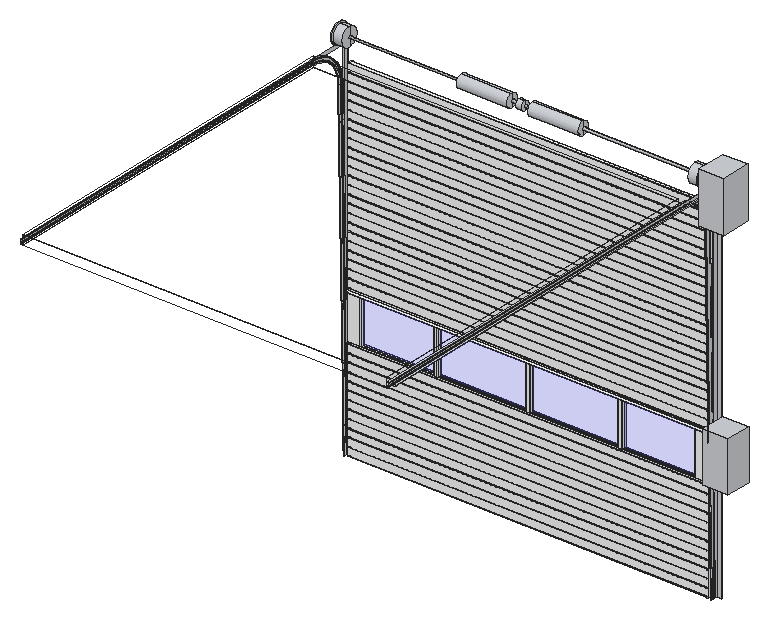
Revit family "EX3717 Complete Door - DraftA", category Doors, host Wall, Revit 2022 (continued)
Definition of nested family "Full Vision Section"
  Dimensions and locks (in)
    "Half Rail Width": plane 2 "Center (Left/Right)" to plane 8
    "Half Rail Width": plane 7 to plane 2 "Center (Left/Right)"
    locked: Extrusion 3 sketch curve to Extrusion 3 sketch curve at 0.25
    radius of Extrusion 2 sketch curve = 0' - 0.12427"
    radius of Extrusion 2 sketch curve = 0' - 0.12444"
    radius of Extrusion 1 sketch curve = 0' - 0.12517"
    radius of Extrusion 1 sketch curve = 0' - 0.12664"
    aligned and locked: Extrusion 1 sketch curve to Extrusion 1 sketch curve  (x3)
    aligned and locked: Extrusion 2 sketch curve to Extrusion 1  (x3)
    aligned and locked: Extrusion 1 to Extrusion 2 sketch curve  (x3)
    aligned and locked: Extrusion 2 sketch curve to Extrusion 2 sketch curve  (x3)
    aligned: Extrusion 3 sketch curve to Extrusion 2
    aligned: Extrusion 3 sketch curve to Extrusion 1
    aligned and locked: Extrusion 3 sketch curve to Extrusion 1
    aligned and locked: Extrusion 4 sketch curve to Extrusion 4 sketch curve  (x3)
    aligned and locked: Extrusion 4 sketch curve to Extrusion 2
    aligned and locked: Extrusion 5 sketch curve to Extrusion 5 sketch curve  (x3)
    aligned and locked: Extrusion 5 sketch curve to Extrusion 2
    aligned and locked: nested 1 to Extrusion 2  (x2)
    aligned and locked: Extrusion 4 to Extrusion 3
    aligned and locked: Extrusion 1 to Extrusion 4
    aligned and locked: Extrusion 6 sketch curve to Extrusion 4
    aligned and locked: Extrusion 6 sketch curve to Extrusion 2
    aligned and locked: plane 2 "Center (Left/Right)" to nested 1
    aligned and locked: nested 1 to plane 5
    aligned and locked: Extrusion 5 sketch curve to plane 6
    aligned and locked: Extrusion 4 sketch curve to plane 9
    aligned and locked: plane 11 to nested 2
    aligned and locked: Extrusion 4 to nested 2
    aligned and locked: nested 2 to Extrusion 1
    aligned and locked: Extrusion 3 sketch curve to Extrusion 4  (x2)
  Automatic sketch dimensions
    Extrusion 1 sketch curve to level = 0' - 0"
    Extrusion 1 sketch curve to plane 5 = 0' - 0"
    Extrusion 1 sketch curve to Extrusion 1 sketch curve = 0' - 0 3/16"
    Extrusion 2 sketch curve to plane 5 = 0' - 0.50146"
    level to Extrusion 2 sketch curve = 1' - 10 21/32"
    Extrusion 2 sketch curve to Extrusion 2 sketch curve = 0' - 0 1/2"
  Nested families (in)
    nested 1: "Int Stile for Single" at (0, -3.5, 0.84375), visible <- "SingleStileVis", type "Single"
      with Stile Height 1' - 10 5/16"
    nested 2: "902 Int Stile Array" at (0, -3.5, 0.84375), visible <- "ArrayStileVis", type "Array"
      with NumIntStiles 2
  Definition of nested family "Int Stile for Single"
    Parameters
      Stile Height = 1' - 8 5/32"
      Frame Material = none
      Default Elevation = 0' - 0"
      Assembly Code = ""
    Reference planes (in)
      plane 1 "Center (Front/Back)": y = 0
      plane 2: z = 0
      plane 3 "Center (Left/Right)": x = 0
      plane 4: z = 20.15625
    Forms (in)
      Extrusion 1, solid, material <- "Frame Material"
        sketch origin (0, 0, 0) x (1, 0, 0) y (0, 1, 0)
          loop
            line (-0.65625, 0) -> (-0.65625, -0.125) -> (-0.78125, -0.125) -> (-1.15625, -0.5) -> (-1.15625, -0.63751) -> (-0.65625, -0.63751) -> (-0.65625, -0.88751) -> (-1.15625, -0.88751) -> (-1.15625, -1.88751) -> (-0.65625, -1.88751) -> (-0.65625, -2.125) -> (0.65625, -2.125) -> (0.65625, -1.88751) -> (1.15625, -1.88751) -> (1.15625, -0.88751) -> (0.65625, -0.88751) -> (0.65625, -0.63751) -> (1.15625, -0.63751) -> (1.15625, -0.5) -> (0.78125, -0.125) -> (0.65625, -0.125) -> (0.65625, 0) -> (-0.65625, 0)
        from 0 to 20.15625 <- "Stile Height"
    Dimensions and locks (in)
      "Stile Height": level to plane 4
      locked: Extrusion 1 sketch curve to Extrusion 1 sketch curve at 1.3125
      locked: Extrusion 1 sketch curve to Extrusion 1 sketch curve at 0.5  (x2)
      locked: Extrusion 1 sketch curve to plane 3 "Center (Left/Right)" at 1.15625
      locked: Extrusion 1 sketch curve to Extrusion 1 sketch curve at 2.125
      locked: Extrusion 1 sketch curve to Extrusion 1 sketch curve at 0.25
      locked: Extrusion 1 sketch curve to Extrusion 1 sketch curve at 1
      locked: Extrusion 1 sketch curve to Extrusion 1 sketch curve at 0.375  (x4)
      locked: Extrusion 1 sketch curve to Extrusion 1 sketch curve at 0.125  (x3)
      aligned and locked: plane 2 to level
      aligned and locked: Extrusion 1 sketch curve to Extrusion 1 sketch curve  (x8)
    Automatic sketch dimensions
      plane 1 "Center (Front/Back)" to Extrusion 1 sketch curve = 0' - 0"
      Extrusion 1 sketch curve to Extrusion 1 sketch curve = 0' - 0.23749"
  Definition of nested family "902 Int Stile Array"
    Parameters
      Stile Height = 1' - 10 5/16"
      NumIntStiles = 4
      IntStileCtrCtr = 3' - 8"
      Frame Material = none
      Default Elevation = 0' - 0"
      Assembly Code = ""
    Reference planes (in)
      plane 1 "Center (Front/Back)": y = 0
      plane 2: z = 0
      plane 3 "Center (Left/Right)": x = 0
      plane 4: z = 22.3125
      plane 5: x = 1.15625
      plane 6: x = -42.84375
    Forms (in)
      Extrusion 1, solid, material <- "Frame Material"
        sketch origin (0, 0, 0) x (1, 0, 0) y (0, 1, 0)
          loop
            line (-0.65625, 0) -> (-0.65625, -0.125) -> (-0.78125, -0.125) -> (-1.15625, -0.5) -> (-1.15625, -0.63751) -> (-0.65625, -0.63751) -> (-0.65625, -0.88751) -> (-1.15625, -0.88751) -> (-1.15625, -1.88751) -> (-0.65625, -1.88751) -> (-0.65625, -2.125) -> (0.65625, -2.125) -> (0.65625, -1.88751) -> (1.15625, -1.88751) -> (1.15625, -0.88751) -> (0.65625, -0.88751) -> (0.65625, -0.63751) -> (1.15625, -0.63751) -> (1.15625, -0.5) -> (0.78125, -0.125) -> (0.65625, -0.125) -> (0.65625, 0) -> (-0.65625, 0)
        from 0 to 22.3125 <- "Stile Height"
      Extrusion 2, solid, material <- "Frame Material"
        sketch origin (-44, 0, 0) x (1, 0, 0) y (0, 1, 0)
          loop
            line (-0.65625, 0) -> (-0.65625, -0.125) -> (-0.78125, -0.125) -> (-1.15625, -0.5) -> (-1.15625, -0.63751) -> (-0.65625, -0.63751) -> (-0.65625, -0.88751) -> (-1.15625, -0.88751) -> (-1.15625, -1.88751) -> (-0.65625, -1.88751) -> (-0.65625, -2.125) -> (0.65625, -2.125) -> (0.65625, -1.88751) -> (1.15625, -1.88751) -> (1.15625, -0.88751) -> (0.65625, -0.88751) -> (0.65625, -0.63751) -> (1.15625, -0.63751) -> (1.15625, -0.5) -> (0.78125, -0.125) -> (0.65625, -0.125) -> (0.65625, 0) -> (-0.65625, 0)
        from 0 to 22.3125 <- "Stile Height"
      Extrusion 3, solid, material <- "Frame Material"
        sketch origin (-88, 0, 0) x (1, 0, 0) y (0, 1, 0)
          loop
            line (-0.65625, 0) -> (-0.65625, -0.125) -> (-0.78125, -0.125) -> (-1.15625, -0.5) -> (-1.15625, -0.63751) -> (-0.65625, -0.63751) -> (-0.65625, -0.88751) -> (-1.15625, -0.88751) -> (-1.15625, -1.88751) -> (-0.65625, -1.88751) -> (-0.65625, -2.125) -> (0.65625, -2.125) -> (0.65625, -1.88751) -> (1.15625, -1.88751) -> (1.15625, -0.88751) -> (0.65625, -0.88751) -> (0.65625, -0.63751) -> (1.15625, -0.63751) -> (1.15625, -0.5) -> (0.78125, -0.125) -> (0.65625, -0.125) -> (0.65625, 0) -> (-0.65625, 0)
        from 0 to 22.3125 <- "Stile Height"
      Extrusion 4, solid, material <- "Frame Material"
        sketch origin (-132, 0, 0) x (1, 0, 0) y (0, 1, 0)
          loop
            line (-0.65625, 0) -> (-0.65625, -0.125) -> (-0.78125, -0.125) -> (-1.15625, -0.5) -> (-1.15625, -0.63751) -> (-0.65625, -0.63751) -> (-0.65625, -0.88751) -> (-1.15625, -0.88751) -> (-1.15625, -1.88751) -> (-0.65625, -1.88751) -> (-0.65625, -2.125) -> (0.65625, -2.125) -> (0.65625, -1.88751) -> (1.15625, -1.88751) -> (1.15625, -0.88751) -> (0.65625, -0.88751) -> (0.65625, -0.63751) -> (1.15625, -0.63751) -> (1.15625, -0.5) -> (0.78125, -0.125) -> (0.65625, -0.125) -> (0.65625, 0) -> (-0.65625, 0)
        from 0 to 22.3125 <- "Stile Height"
    Dimensions and locks (in)
      "Stile Height": level to plane 4
      locked: Extrusion 1 sketch curve to Extrusion 1 sketch curve at 1.3125
      locked: Extrusion 1 sketch curve to Extrusion 1 sketch curve at 0.5  (x2)
      locked: Extrusion 1 sketch curve to Extrusion 1 sketch curve at 2.125
      locked: Extrusion 1 sketch curve to Extrusion 1 sketch curve at 0.25
      locked: Extrusion 1 sketch curve to Extrusion 1 sketch curve at 1
      locked: Extrusion 1 sketch curve to Extrusion 1 sketch curve at 0.375  (x4)
      locked: Extrusion 1 sketch curve to Extrusion 1 sketch curve at 0.125  (x3)
      locked: Extrusion 2 sketch curve to Extrusion 2 sketch curve at 1.3125
      locked: Extrusion 2 sketch curve to Extrusion 2 sketch curve at 0.5  (x2)
      locked: Extrusion 2 sketch curve to Extrusion 2 sketch curve at 2.125
      locked: Extrusion 2 sketch curve to Extrusion 2 sketch curve at 0.25
      locked: Extrusion 2 sketch curve to Extrusion 2 sketch curve at 1
      locked: Extrusion 2 sketch curve to Extrusion 2 sketch curve at 0.375  (x4)
      locked: Extrusion 2 sketch curve to Extrusion 2 sketch curve at 0.125  (x3)
      equal spacing: group 4, group 3, group 2, group 1
      equal spacing: group 1, group 2, group 3, group 4  (x2)
      "IntStileCtrCtr": plane 5 to plane 6
      locked: Extrusion 3 sketch curve to Extrusion 3 sketch curve at 1.3125
      locked: Extrusion 3 sketch curve to Extrusion 3 sketch curve at 0.5  (x2)
      locked: Extrusion 3 sketch curve to Extrusion 3 sketch curve at 2.125
      locked: Extrusion 3 sketch curve to Extrusion 3 sketch curve at 0.25
      locked: Extrusion 3 sketch curve to Extrusion 3 sketch curve at 1
      locked: Extrusion 3 sketch curve to Extrusion 3 sketch curve at 0.375  (x4)
      locked: Extrusion 3 sketch curve to Extrusion 3 sketch curve at 0.125  (x3)
      locked: Extrusion 4 sketch curve to Extrusion 4 sketch curve at 1.3125
      locked: Extrusion 4 sketch curve to Extrusion 4 sketch curve at 0.5  (x2)
      locked: Extrusion 4 sketch curve to Extrusion 4 sketch curve at 2.125
      locked: Extrusion 4 sketch curve to Extrusion 4 sketch curve at 0.25
      locked: Extrusion 4 sketch curve to Extrusion 4 sketch curve at 1
      locked: Extrusion 4 sketch curve to Extrusion 4 sketch curve at 0.375  (x4)
      locked: Extrusion 4 sketch curve to Extrusion 4 sketch curve at 0.125  (x3)
      aligned and locked: plane 2 to level
      aligned and locked: Extrusion 1 sketch curve to Extrusion 1 sketch curve  (x8)
      aligned and locked: Extrusion 2 sketch curve to Extrusion 2 sketch curve  (x8)
      aligned and locked: plane 5 to Extrusion 1
      aligned and locked: plane 6 to Extrusion 2
      aligned and locked: Extrusion 3 sketch curve to Extrusion 3 sketch curve  (x8)
      aligned and locked: Extrusion 4 sketch curve to Extrusion 4 sketch curve  (x8)
    Automatic sketch dimensions
      Extrusion 1 sketch curve to Extrusion 1 sketch curve = 0' - 0.23749"
      Extrusion 2 sketch curve to Extrusion 2 sketch curve = 0' - 0.23749"
      Extrusion 3 sketch curve to Extrusion 3 sketch curve = 0' - 0.23749"
      Extrusion 4 sketch curve to Extrusion 4 sketch curve = 0' - 0.23749"
Definition of nested family "Track - Standard Lift"
  Parameters (values of type "15" Radius")
    WallToRadiusCenter = Door Thickness + 0' 1" + Vertical Track Length * 0' 0 1/4" / 1' 0" + Track Radius  # 1' - 9.33333"
    VerticalAngleLength = Door Height + 0' 10"  # 14' - 10"
    Vertical Track Length = Door Height - 0' 8"  # 13' - 4"
    TrackToTrack = CenterToLHTrack * 2  # 14' - 0"
    Roof Pitch = 0
    Operator - Trolley = no
    Operator - Jack Shaft Right = yes
    Operator - Jack Shaft Left = no
    HorizontalAngleLength = -(Horizontal Track Length + Track Radius + Vertical Track Length * 0.25 / 12 + 0' 2" - 0' 1" * Roof Pitch)  # -16' - 2.33333"
    Horizontal Track Length = Door Height + 1' 9" - Track Radius  # 14' - 6"
    FloorToTrolleyRail = FloorToShaftCL + 0' 6" - 0' 0 77/256" * Roof Pitch  # 15' - 8"
    FloorToShaftCL = Door Height + Track Radius - 0' 1"  # 15' - 2"
    FloorToJackShaft = Door Height + 1' 10"  # 15' - 10"
    Double Torsion Shaft = no
    Door Width = 13' - 10"
    Door Thickness = 0' - 2"
    Door Height = 14' - 0"
    Default Elevation = 0' - 0"
    Control Box Right = yes
    Control Box Left = no
    CenterToLHTrack = Door Width / 2 + 0' 1" + Roof Pitch * 0' 0"  # 7' - 0"
    Track Radius = if([12" Radius Track], 1' 0", 1' 3")  # 1' - 3"
    HorizontalTrackAngle = 90.00°
    CenterToRHTrack = -CenterToLHTrack  # -7' - 0"
    CenterToJackShaft = Door Width / 2 + 0' 5"  # 7' - 4"
    15" Radius Track = yes
    12" Radius Track = not([15" Radius Track])  # no
  Types (2): name | WallToRadiusCenter | TrackToTrack | Horizontal Track Length | FloorToTrolleyRail | FloorToShaftCL | Door Width | Control Box Left | CenterToLHTrack | Track Radius | CenterToRHTrack | CenterToJackShaft | 15" Radius Track | 12" Radius Track
    15" Radius | 1' - 9.33333" | 14' - 0" | 14' - 6" | 15' - 8" | 15' - 2" | 13' - 10" | no | 7' - 0" | 1' - 3" | -7' - 0" | 7' - 4" | yes | no
    12" Radius | 1' - 6.33333" | 14' - 4" | 14' - 9" | 15' - 5" | 14' - 11" | 14' - 2" | yes | 7' - 2" | 1' - 0" | -7' - 2" | 7' - 6" | no | yes
  Reference planes (in)
    plane 1: y = 0
    plane 2 "Center (Left/Right)": x = 0
    plane 3 "Wall Edge": y = 3
    plane 4: y = 24.33333
    plane 5: z = 160
    plane 6: x = 84
    plane 7: x = -84
  Forms (in)
    Sweep 1, solid
      path in 3D
        loop
          line (0, 198.33333, 175) -> (0, 24.33333, 175)
          arc (0, 24.33333, 175) -> (0, 13.83778, 170.71649) -> (0, 9.33659, 160.31243) r 15
          line (0, 9.33659, 160.31243) -> (0, 5.99672, 0)
      profile "Track Profile : Track Profile" origin (0, 7.66665, 80.15622) x (0, 0.999783, -0.020829) y (1, 0, 0)
        loop
          line (-2.03223, 84) -> (-1.97364, 84) -> (-1.97364, 84.826)
          arc (-1.97364, 84.826) -> (-1.9457, 84.89346) -> (-1.87823, 84.92141) r 0.09541
          line (-1.87823, 84.92141) -> (-0.65812, 84.92141)
          arc (-0.65812, 84.92141) -> (-0.63212, 84.9187) -> (-0.60723, 84.91071) r 0.12641
          line (-0.60723, 84.91071) -> (-0.20802, 84.73513)
          arc (-0.20802, 84.73513) -> (-0.05845, 84.52266) -> (-0.17676, 84.29133) r 0.25141
          line (-0.17676, 84.29133) -> (-0.46311, 84.1138) -> (-0.43223, 84.064) -> (-0.14589, 84.24153)
          arc (-0.14589, 84.24153) -> (0, 84.52678) -> (-0.18443, 84.78877) r 0.31
          line (-0.18443, 84.78877) -> (-0.58364, 84.96434)
          arc (-0.58364, 84.96434) -> (-0.62007, 84.97604) -> (-0.65812, 84.98) r 0.185
          line (-0.65812, 84.98) -> (-1.87823, 84.98)
          arc (-1.87823, 84.98) -> (-1.98713, 84.93489) -> (-2.03223, 84.826) r 0.154
          line (-2.03223, 84.826) -> (-2.03223, 84)
    Sweep 2, solid
      path in 3D
        loop
          line (0, 198.33333, 175) -> (0, 24.33333, 175)
          arc (0, 24.33333, 175) -> (0, 13.83778, 170.71649) -> (0, 9.33659, 160.31243) r 15
          line (0, 9.33659, 160.31243) -> (0, 5.99672, 0)
      profile "Track Profile : Track Profile" origin (0, 7.66665, 80.15622) x (0, 0.999783, -0.020829) y (1, 0, 0)
        loop
          line (-2.03223, -84) -> (-2.03223, -84.826)
          arc (-2.03223, -84.826) -> (-1.98713, -84.93489) -> (-1.87823, -84.98) r 0.154
          line (-1.87823, -84.98) -> (-0.65812, -84.98)
          arc (-0.65812, -84.98) -> (-0.62007, -84.97604) -> (-0.58364, -84.96434) r 0.185
          line (-0.58364, -84.96434) -> (-0.18443, -84.78877)
          arc (-0.18443, -84.78877) -> (0, -84.52678) -> (-0.14589, -84.24153) r 0.31
          line (-0.14589, -84.24153) -> (-0.43223, -84.064) -> (-0.46311, -84.1138) -> (-0.17676, -84.29133)
          arc (-0.17676, -84.29133) -> (-0.05845, -84.52266) -> (-0.20802, -84.73513) r 0.25141
          line (-0.20802, -84.73513) -> (-0.60723, -84.91071)
          arc (-0.60723, -84.91071) -> (-0.63212, -84.9187) -> (-0.65812, -84.92141) r 0.12641
          line (-0.65812, -84.92141) -> (-1.87823, -84.92141)
          arc (-1.87823, -84.92141) -> (-1.9457, -84.89346) -> (-1.97364, -84.826) r 0.09541
          line (-1.97364, -84.826) -> (-1.97364, -84) -> (-2.03223, -84)
    Extrusion 3, solid
      sketch origin (84, 9, 148.94743) x (0, 0, 1) y (0, 1, 0)
        loop
          line (25.05257, 189.33333) -> (25.05257, 15.33333) -> (30.05257, 15.33333) -> (30.05257, 189.33333) -> (25.05257, 189.33333)
      from 0 to 168 <- "TrackToTrack"
    Extrusion 4, solid
      sketch origin (0, 198.33333, 175) x (0, 0, 1) y (1, 0, 0)
        loop
          line (1.87823, 84.98) -> (1.87823, 85.06107) -> (0.47823, 85.06107) -> (0.47823, 86.48) -> (0.37823, 86.48) -> (0.37823, 84.98) -> (1.87823, 84.98)
      from -2 to -194.33333 <- "HorizontalAngleLength"
    Extrusion 5, solid
      sketch origin (0, 198.33333, 175) x (0, 0, 1) y (1, 0, 0)
        loop
          line (1.87823, -84.98) -> (0.37823, -84.98) -> (0.37823, -86.48) -> (0.47823, -86.48) -> (0.47823, -85.08) -> (1.87823, -85.08) -> (1.87823, -84.98)
      from -2 to -194.33333 <- "HorizontalAngleLength"
    Extrusion 6, solid
      sketch origin (0, 0, 0) x (1, 0, 0) y (0, 1, 0)
        loop
          line (-84.98, 4.63) -> (-85.08, 4.63) -> (-85.08, 3.30484)
          arc (-85.08, 3.30484) -> (-85.14, 3.16) -> (-85.28484, 3.1) r 0.20484
          line (-85.28484, 3.1) -> (-87.26, 3.1) -> (-87.26, 3) -> (-85.28584, 3)
          arc (-85.28584, 3) -> (-85.06958, 3.08958) -> (-84.98, 3.30584) r 0.30584
          line (-84.98, 3.30584) -> (-84.98, 4.63)
        loop
          line (84.98, 4.63) -> (84.98, 3.30584)
          arc (84.98, 3.30584) -> (85.06958, 3.08958) -> (85.28584, 3) r 0.30584
          line (85.28584, 3) -> (87.26, 3) -> (87.26, 3.1) -> (85.28484, 3.1)
          arc (85.28484, 3.1) -> (85.14, 3.16) -> (85.08, 3.30484) r 0.20484
          line (85.08, 3.30484) -> (85.08, 4.63) -> (84.98, 4.63)
      from 0 to 178 <- "VerticalAngleLength"
    Extrusion 7, solid, visible <- "Operator - Jack Shaft Left"
      sketch origin (-60, 3, 0) x (-1, 0, 0) y (0, 0, 1)
        loop
          line (-160, 190) -> (-160, 166) -> (-148, 166) -> (-148, 190) -> (-160, 190)
      from 0 to 14.50457
    Extrusion 8, solid, visible <- "Operator - Jack Shaft Right"
      sketch origin (-60, 3, 0) x (-1, 0, 0) y (0, 0, 1)
        loop
          line (28, 190) -> (28, 166) -> (40, 166) -> (40, 190) -> (28, 190)
      from 0 to 14.50457
    Extrusion 9, solid, visible <- "Operator - Jack Shaft Left"
      sketch origin (-59.08, 3, -112) x (-1, 0, 0) y (0, 0, 1)
        loop
          line (-159.08, 190) -> (-159.08, 166) -> (-147.08, 166) -> (-147.08, 190) -> (-159.08, 190)
      from 0 to 12
    Extrusion 10, solid, visible <- "Operator - Jack Shaft Right"
      sketch origin (-60, 3, -120) x (-1, 0, 0) y (0, 0, 1)
        loop
          line (28, 198) -> (28, 174) -> (40, 174) -> (40, 198) -> (28, 198)
      from 0 to 12
  Lines and regions (in)
    reference lines, not visible
      curve 1: line (0, 24.33333, 160) -> (0, 24.33333, 175)
      curve 2: line (0, 24.33333, 160) -> (0, 9.33659, 160.31243)
      curve 3: line (0, 24.33333, 175) -> (0, 198.33333, 175)
      curve 4: line (0, 9.33659, 160.31243) -> (0, 5.99672, 0)
      curve 5: arc (0, 24.33333, 175) -> (0, 13.83778, 170.71649) -> (0, 9.33659, 160.31243) r 15
    sketch lines
      curve 6: line (0, 9.33659, 160.31243) -> (0, 5.99672, 0)
      curve 7: arc (0, 24.33333, 175) -> (0, 13.83778, 170.71649) -> (0, 9.33659, 160.31243) r 15
      curve 8: line (0, 24.33333, 175) -> (0, 198.33333, 175)
      curve 9: line (0, 9.33659, 160.31243) -> (0, 5.99672, 0)
      curve 10: arc (0, 24.33333, 175) -> (0, 13.83778, 170.71649) -> (0, 9.33659, 160.31243) r 15
      curve 11: line (0, 24.33333, 175) -> (0, 198.33333, 175)
  Text (in)
    text "Placement Side" at (0, 40.15149, 123.01588), in view "Right"
    text "Placement Side" at (-70.3804, 28.46503, 0), in view "Ref. Level"
    text "Placement Side" at (0, 81.62555, 140.59947), in view "Left"
  Dimensions and locks (in)
    locked: plane 3 "Wall Edge" to host wall
    "WallToRadiusCenter": plane 3 "Wall Edge" to plane 4
    "Vertical Track Length": plane 5 to level
    "Track Radius": curve 1 to curve 1
    "Track Radius": curve 2 to curve 2
    "CenterToLHTrack": plane 6 to plane 2 "Center (Left/Right)"
    "CenterToLHTrack": plane 2 "Center (Left/Right)" to plane 7
    "Horizontal Track Length": curve 5 to curve 3
    locked: curve 3 to Extrusion 3 sketch curve at 4
    locked: Extrusion 3 sketch curve to curve 3 at 1
    locked: Extrusion 4 sketch curve to Extrusion 4 sketch curve at 1.5  (x2)
    locked: Extrusion 4 sketch curve to Extrusion 4 sketch curve at 0.1
    locked: Sweep 1 to Extrusion 4 sketch curve at 0.08107
    locked: Extrusion 5 sketch curve to Extrusion 5 sketch curve at 0.1
    locked: Extrusion 5 sketch curve to Sweep 2 at 0.1
    locked: Extrusion 5 sketch curve to Extrusion 5 sketch curve at 1.5
    locked: Extrusion 5 sketch curve to Sweep 2 at 1.5
    locked: Extrusion 6 sketch curve to Extrusion 6 sketch curve at 0.1  (x4)
    locked: Extrusion 6 sketch curve to Extrusion 6 sketch curve at 2.28  (x2)
    Extrusion 6 sketch curve to Extrusion 6 sketch curve = 0' - 1.63"
    locked: Extrusion 6 sketch curve to Extrusion 6 sketch curve at 1.63  (x2)
    locked: host wall to nested 1 at 6
    locked: Extrusion 7 sketch curve to Extrusion 7 sketch curve at 12
    locked: Extrusion 7 sketch curve to Extrusion 7 sketch curve at 24
    "FloorToJackShaft": level to Extrusion 7 sketch curve
    "CenterToJackShaft": Extrusion 7 sketch curve to curve 4
    locked: Extrusion 8 sketch curve to Extrusion 8 sketch curve at 24
    locked: Extrusion 8 sketch curve to Extrusion 8 sketch curve at 12
    "CenterToJackShaft": curve 4 to Extrusion 8 sketch curve
    "FloorToShaftCL": nested 1 to level
    locked: Extrusion 9 sketch curve to Extrusion 9 sketch curve at 12
    locked: Extrusion 9 sketch curve to Extrusion 9 sketch curve at 24
    locked: Extrusion 6 to Extrusion 9 at 54
    level to Extrusion 9 = 6' - 6"
    locked: Extrusion 10 sketch curve to Extrusion 10 sketch curve at 24
    locked: Extrusion 10 sketch curve to Extrusion 10 sketch curve at 12
    Extrusion 4 to Extrusion 7 = 1' - 2.62177"
    curve 3 to Extrusion 8 = 1' - 3"
    locked: Extrusion 8 to Extrusion 8 at 14.50457
    Extrusion 9 to Extrusion 9 = 1' - 0"
    plane 2 "Center (Left/Right)" to Extrusion 9 = 8' - 4"
    "Track Radius": radius of curve 5
    radius of Extrusion 6 sketch curve = 0' - 0.30584"
    radius of Extrusion 6 sketch curve = 0' - 0.20484"
    "HorizontalTrackAngle": angle curve 1 to plane 5
    locked: curve 2 to plane 5 (angle 1.1935°)
    locked: curve 1 to curve 3 (angle 90.00°)
    locked: curve 4 to curve 2 (angle 90.00°)
    aligned and locked: plane 5 to curve 2
    aligned and locked: curve 2 to plane 4
    aligned and locked: level to curve 4
    aligned and locked: Extrusion 3 sketch curve to curve 3
    aligned and locked: Extrusion 3 sketch curve to curve 1
    aligned and locked: Extrusion 4 sketch curve to Sweep 1
    aligned and locked: Extrusion 5 sketch curve to Sweep 2
    aligned and locked: Extrusion 4 to Extrusion 5 sketch curve
    aligned and locked: Sweep 2 to Extrusion 6 sketch curve
    aligned and locked: Extrusion 6 sketch curve to Sweep 1
    aligned and locked: Extrusion 6 sketch curve to host wall
    aligned and locked: nested 1 to curve 4
    aligned and locked: Extrusion 7 to Extrusion 8 sketch curve
    aligned and locked: Extrusion 9 to Extrusion 7
    aligned and locked: Extrusion 10 to Extrusion 8
    aligned and locked: Extrusion 9 to Extrusion 10
    aligned and locked: Extrusion 7 to Extrusion 8
  Automatic sketch dimensions
    Sweep 1 to Extrusion 4 sketch curve = 0' - 1.59541"
    Extrusion 6 sketch curve to host wall = 0' - 0"
    Extrusion 6 sketch curve to Extrusion 6 sketch curve = 0' - 0.20484"
    Extrusion 6 sketch curve to Extrusion 6 sketch curve = 0' - 0.00101"
    Extrusion 9 sketch curve to plane 6 = 1' - 4"
    level to Extrusion 9 sketch curve = 4' - 6"
    plane 7 to Extrusion 10 sketch curve = 0' - 4"
    level to Extrusion 10 sketch curve = 4' - 6"
  Nested families (in)
    nested 1: "Torsion Assembly - Standard Lift" at (0, 9, 118.84779), type "Torsion Assembly - High Lift"
      with HalfShaft2Length 8' - 2 1/2", Door Width 13' - 10", HalfShaftLength 7' - 2 1/2"
  Definition of nested family "Torsion Assembly - Standard Lift"
    Parameters
      Spring Length = if(Door Width < 6' 0", 1' 0", 2' 0")  # 2' - 0"
      HalfShaft2Length = HalfShaftLength + 1' 0"  # 7' - 3 1/2"
      Double Torsion Shaft = no
      Door Width = 12' - 0"
      HalfShaftLength = (Door Width + 0' 7") / 2  # 6' - 3 1/2"
      Default Elevation = 0' - 0"
      Assembly Code = ""
    Reference planes (in)
      plane 1 "Center (Front/Back)": y = 0
      plane 2: z = 63.15221
      plane 3 "Center (Left/Right)": x = 0
      plane 4: z = 75.15221
      plane 5: z = 63.15221
    Forms (in)
      Revolve 1, solid
        sketch origin (0, 0, 0) x (1, 0, 0) y (0, 0, 1)
          loop
            line (5, 63.65221) -> (1.38578, 63.65221) -> (1.38578, 65.15221) -> (-1.36422, 65.15221) -> (-1.36422, 63.65221) -> (-5, 63.65221) -> (-5, 66.15221) -> (-29, 66.15221) -> (-29, 63.65221) -> (-68.5, 63.65221) -> (-68.5, 67.45823) -> (-73, 67.45823) -> (-73, 67.95823) -> (-73.5, 67.95823) -> (-73.5, 63.65221) -> (-75.5, 63.65221) -> (-75.5, 63.15221) -> (-73.5, 63.15221) -> (73.5, 63.15221) -> (75.5, 63.15221) -> (75.5, 63.65221) -> (73.5, 63.65221) -> (73.5, 67.95823) -> (73, 67.95823) -> (73, 67.45823) -> (68.5, 67.45823) -> (68.5, 63.65221) -> (29, 63.65221) -> (29, 66.15221) -> (5, 66.15221) -> (5, 63.65221)
          axis (-75.5, 63.15221) -> (75.5, 63.15221)
        angle from 0 to 360
      Revolve 2, solid, visible <- "Double Torsion Shaft"
        sketch origin (0, 0, 12) x (1, 0, 0) y (0, 0, 1)
          loop
            line (5, 63.65221) -> (1.38578, 63.65221) -> (1.38578, 65.15221) -> (-1.36422, 65.15221) -> (-1.36422, 63.65221) -> (-5, 63.65221) -> (-5, 66.15221) -> (-29, 66.15221) -> (-29, 63.65221) -> (-74.5, 63.65221) -> (-74.5, 67.45823) -> (-79, 67.45823) -> (-79, 67.95823) -> (-79.5, 67.95823) -> (-79.5, 63.65221) -> (-87.5, 63.65221) -> (-87.5, 63.15221) -> (-79.5, 63.15221) -> (79.5, 63.15221) -> (87.5, 63.15221) -> (87.5, 63.65221) -> (79.5, 63.65221) -> (79.5, 67.95823) -> (79, 67.95823) -> (79, 67.45823) -> (74.5, 67.45823) -> (74.5, 63.65221) -> (29, 63.65221) -> (29, 66.15221) -> (5, 66.15221) -> (5, 63.65221)
          axis (-87.5, 63.15221) -> (87.5, 63.15221)
        angle from 0 to 360
    Dimensions and locks (in)
      locked: Revolve 1 sketch curve to Revolve 1 sketch curve at 0.5  (x4)
      locked: Revolve 1 sketch curve to Revolve 1 sketch curve at 4.80602
      locked: Revolve 1 sketch curve to Revolve 1 sketch curve at 2.75
      locked: Revolve 1 sketch curve to plane 3 "Center (Left/Right)" at 1.38578
      locked: Revolve 1 sketch curve to Revolve 1 sketch curve at 3
      locked: Revolve 1 sketch curve to Revolve 1 sketch curve at 2  (x3)
      locked: Revolve 1 sketch curve to plane 3 "Center (Left/Right)" at 5
      "Spring Length": Revolve 1 sketch curve to Revolve 1 sketch curve  (x2)
      locked: plane 3 "Center (Left/Right)" to Revolve 1 sketch curve at 5
      locked: Revolve 1 sketch curve to Revolve 1 sketch curve at 5  (x2)
      "HalfShaftLength": Revolve 1 sketch curve to plane 3 "Center (Left/Right)"
      "HalfShaftLength": plane 3 "Center (Left/Right)" to Revolve 1 sketch curve
      locked: Revolve 2 sketch curve to Revolve 2 sketch curve at 0.5  (x4)
      locked: Revolve 2 sketch curve to Revolve 2 sketch curve at 4.80602
      locked: Revolve 2 sketch curve to Revolve 2 sketch curve at 2.75
      locked: Revolve 2 sketch curve to Revolve 2 sketch curve at 3
      locked: Revolve 2 sketch curve to Revolve 2 sketch curve at 2
      "Spring Length": Revolve 2 sketch curve to Revolve 2 sketch curve  (x2)
      locked: Revolve 2 sketch curve to Revolve 2 sketch curve at 5  (x2)
      locked: Revolve 2 sketch curve to Revolve 2 sketch curve at 8  (x2)
      locked: Revolve 2 to plane 4 at 0.5
      locked: plane 4 to level at 12
      "HalfShaft2Length": plane 3 "Center (Left/Right)" to Revolve 2 sketch curve
      "HalfShaft2Length": Revolve 2 sketch curve to plane 3 "Center (Left/Right)"
      locked: plane 3 "Center (Left/Right)" to Revolve 2 sketch curve at 5
      locked: Revolve 2 sketch curve to plane 3 "Center (Left/Right)" at 5
      aligned and locked: plane 2 to level
      aligned and locked: plane 5 to level
    Automatic sketch dimensions
      Revolve 1 sketch curve to level = 0' - 0"  (x2)
      Revolve 1 sketch curve to Revolve 1 sketch curve = 0' - 0"  (x2)
      Revolve 1 sketch curve to Revolve 1 sketch curve = 0' - 11.98222"
      Revolve 1 sketch curve to Revolve 1 sketch curve = 0' - 11.01778"
      level to Revolve 1 sketch curve = 0' - 0 1/2"  (x4)
      Revolve 1 sketch curve to Revolve 1 sketch curve = 0' - 0 1/2"  (x2)
      Revolve 1 sketch curve to Revolve 1 sketch curve = 0' - 2 1/2"
      Revolve 1 sketch curve to Revolve 1 sketch curve = 0' - 3.80602"
      level to Revolve 2 sketch curve = 1' - 0 1/2"  (x2)
      Revolve 2 sketch curve to Revolve 2 sketch curve = 0' - 0"  (x2)
      Revolve 2 sketch curve to Revolve 2 sketch curve = 0' - 11.98222"
      Revolve 2 sketch curve to plane 3 "Center (Left/Right)" = 0' - 1.36422"
      Revolve 2 sketch curve to Revolve 2 sketch curve = 0' - 11.01778"
      level to Revolve 2 sketch curve = 1' - 0"
      Revolve 2 sketch curve to Revolve 2 sketch curve = 0' - 1 1/2"
      Revolve 2 sketch curve to Revolve 2 sketch curve = 0' - 0 1/2"  (x3)
      Revolve 2 sketch curve to Revolve 2 sketch curve = 0' - 2 1/2"  (x2)
      Revolve 2 sketch curve to Revolve 2 sketch curve = 0' - 3.80602"
